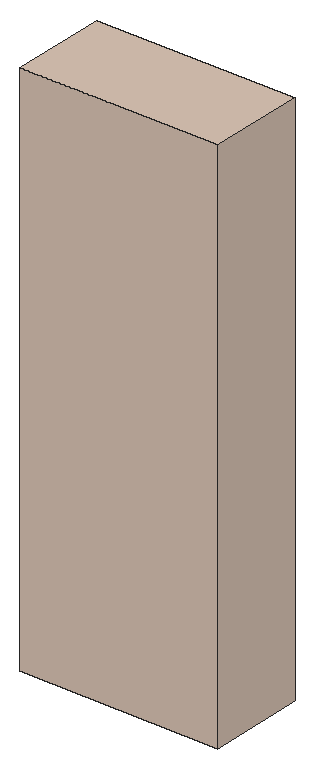
Revit family "Niche_NobleCompany_306", category Generic Models, host Wall, Revit 2017
Family settings
  Host = Wall
  Can host rebar = No
  Round Connector Dimension = Use Diameter
  Part Type = Normal
  Always vertical = Yes
  Cut with Voids When Loaded = No
  Shared = No
  Room Calculation Point = No
Parameters (values of type "306 Narrow Arch Combo")
  Width = 0' - 8 1/4"
  URL = "www.noblecompany.com"
  Tile Thickness [instance] = 0' - 0 1/4"
  Thickness = 0' - 1 1/8"
  Specification = ""
  Sales Information = "http://noblecompany.com/contact/"
  Revision = "R1_09-2016"
  Product Properties = "http://noblecompany.com/products/noble-niches"
  Product Data = "http://www.arcat.com/arcatcos/cos34/arc34489.html"
  Niche Material = Acrylic Polymer Finish
  Model = "306"
  Manufacturer Website = "www.noblecompany.com"
  Manufacturer Phone - Toll Free = "800-878-5788"
  Manufacturer Phone = "231-799-8000"
  Manufacturer Fax = "231-799-8850"
  Manufacturer Address = "P. O. Box 350, Grand Haven, MI 49417-0350"
  Manufacturer = "Noble Company"
  Keynote = "10 28 00"
  Installation-Fabrication = "http://noblecompany.com/storage/docs/resources/NN062016-13_Noble_Niche_Installation_Instruction.pdf"
  Instal Height [instance] = 5' - 0"
  Height = 1' - 10 1/2"
  Drawn By = "Sumex Design - Robert S Weygant"
  Description = "306 Narrow Arch Combo Niche"
  Depth = 0' - 4"
  Copyright = "� 2016 ARCAT Inc."
  Construction Details = ""
  Assembly Code = "D2010700"
Reference planes (in)
  plane 1: y = 0
  plane 2 "Center (Left/Right)": x = 0
  plane 3 "Wall Edge": y = 3
  plane 4: x = -4.125
  plane 5: y = 2.75
  plane 6: y = -1.25
  plane 7: x = 4.125
  plane 8: z = 60
  plane 9: z = 37.5
  plane 10: x = -3
  plane 11: x = 3
  plane 12: y = -0.75
  plane 13: z = 38.75
  plane 14: z = 58.75
Forms (in)
  Extrusion 1, void
    sketch origin (0, 0, 0) x (1, 0, 0) y (0, 1, 0)
      loop
        line (-4.125, 2.75) -> (-4.125, -1.25) -> (4.125, -1.25) -> (4.125, 2.75) -> (-4.125, 2.75)
    from 37.5 to 60
  Extrusion 2, solid, material "Acrylic Polymer Finish" <- "Niche Material"
    sketch origin (0, 0, 0) x (1, 0, 0) y (0, 1, 0)
      loop
        line (-4.125, 2.75) -> (-4.125, -1.25) -> (4.125, -1.25) -> (4.125, 2.75) -> (-4.125, 2.75)
    from 37.5 to 60
  Extrusion 3, void
    sketch origin (0, 3, 0) x (1, 0, 0) y (0, 0, 1)
      loop
        line (3, 38.75) -> (3, 44.75) -> (-3, 44.75) -> (-3, 38.75) -> (3, 38.75)
      loop
        line (-3, 56.5) -> (-3, 46.5) -> (3, 46.5) -> (3, 56.5)
        arc (3, 56.5) -> (0, 58.75) -> (-3, 56.5) r 3.125
    from 0 to 3.75
Cuts and joins
  Extrusion 3 cuts Extrusion 2
Text (in)
  text "Placement Side" at (0, 40.15149, 123.01588), in view "Right"
  text "Placement Side" at (-105.78919, 39.84311, 0), in view "Ref. Level"
  text "Placement Side" at (0, 81.62555, 140.59947), in view "Left"
Dimensions and locks (in)
  host wall to plane 3 "Wall Edge" = 0' - 0"
  equal spacing: plane 4, plane 2 "Center (Left/Right)", plane 7
  "Width": plane 4 to plane 7
  "Depth": plane 5 to plane 6
  "Height": plane 9 to plane 8
  "Instal Height": level to plane 8
  locked: plane 12 to plane 6 at 0.5
  locked: plane 4 to plane 10 at 1.125
  locked: plane 11 to plane 7 at 1.125
  plane 14 to plane 8 = 0' - 1 1/4"
  locked: plane 9 to plane 13 at 1.25
  host wall to plane 5 = 0' - 0 1/4"
  "Tile Thickness": plane 5 to plane 3 "Wall Edge"
  locked: plane 13 to Extrusion 3 sketch curve at 6
  Extrusion 3 sketch curve to Extrusion 3 sketch curve = 0' - 1 3/4"
  aligned and locked: Extrusion 1 sketch curve to plane 5
  aligned and locked: plane 4 to Extrusion 1 sketch curve
  aligned and locked: plane 6 to Extrusion 1 sketch curve
  aligned and locked: plane 7 to Extrusion 1 sketch curve
  aligned and locked: plane 8 to Extrusion 1
  aligned and locked: Extrusion 1 to plane 9
  aligned and locked: Extrusion 2 sketch curve to plane 5
  aligned and locked: plane 4 to Extrusion 2 sketch curve
  aligned and locked: plane 6 to Extrusion 2 sketch curve
  aligned and locked: plane 7 to Extrusion 2 sketch curve
  aligned and locked: plane 8 to Extrusion 2
  aligned and locked: Extrusion 2 to plane 9
  aligned and locked: plane 11 to Extrusion 3 sketch curve
  aligned and locked: plane 10 to Extrusion 3 sketch curve
  aligned and locked: Extrusion 3 to plane 12
  aligned and locked: Extrusion 3 sketch curve to plane 13
  aligned and locked: Extrusion 3 to plane 3 "Wall Edge"
  aligned and locked: plane 3 "Wall Edge" to host wall
  aligned and locked: Extrusion 3 sketch curve to plane 11
  aligned and locked: Extrusion 3 sketch curve to plane 10
Automatic sketch dimensions
  Extrusion 3 sketch curve to plane 2 "Center (Left/Right)" = 0' - 0"
  Extrusion 3 sketch curve to plane 14 = 0' - 3 1/8"
  Extrusion 3 sketch curve to plane 14 = 0' - 2 1/4"
